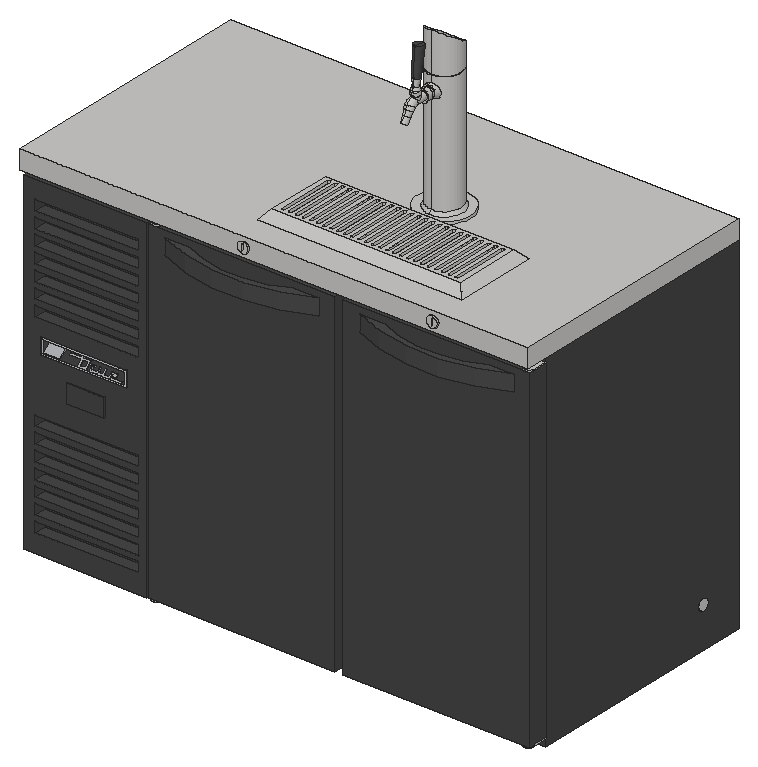
Revit family "QF_TRUE_TDR48-RISZ1-L-B-SS-1", category Specialty Equipment, Revit 2016
Family settings
  Part Type = Normal
  Round Connector Dimension = Use Diameter
  Work Plane-Based = No
  Always vertical = Yes
  Cut with Voids When Loaded = No
  Shared = No
  Room Calculation Point = No
Parameters (values of type "QF_TRUE_TDR48-RISZ1-L-B-SS-1")
  Weight in Pounds = 405
  Watts = if(Phase = 3, Volts * FL Amps * 1.73, Volts * FL Amps)  # 207 W
  Waste Water Discharge Temperature = 0 °F
  Volts = 115 V
  URL Cutsheet = ""
  Steam Supply Volume = 0 GPM
  Steam Supply Size = 0"
  Steam Supply RI Height = 0"
  Steam Supply Minimum Pressure = 0.00 psi
  Steam Supply Maximum Pressure = 0.00 psi
  Steam Supply Connection Height = 0"
  Specification by User = ""
  Specification by Manufacturer = ""
  Show Standard Unit [instance] = yes
  Show Logo [instance] = yes
  Show Leg Levelers [instance] = no
  Show Clearance [instance] = yes
  Show 1 Inch Rollers [instance] = no
  Show Seismic Flange [instance] = no
  Show 6 Inches Legs [instance] = no
  Show 5 Inches Castors [instance] = no
  Show 4 Inches Castors [instance] = no
  Show 3 Inches Castors [instance] = no
  Show 2 Inches Castors [instance] = no
  Serial Number = ""
  Seismic Rating = ""
  SMACNA No = ""
  Revision Code = ""
  Plumbing Remarks = ""
  Plumbing Connection Type = ""
  Phase = 1
  Number of Poles = 1
  NAFEM Spec ID Number = ""
  Model = "TDR48-RISZ1-L-B-SS-1"
  Min Ckt Ampacity = 0 A
  Mechanical Remarks = ""
  Mechanical Connection Type = ""
  Max Overcurrent Protection = 0 A
  Masterspec = ""
  Manufacturer = "TRUE"
  Length = 48"
  Item Number = ""
  Installed By = ""
  Indirect Waste Size = 1/2"
  Indirect Waste Flow = 0 GPM
  Indirect Waste Connection Type = ""
  Indirect Waste Connection Height = 0"
  Identify Quantity as Lot = yes
  Height [instance] = if(Show Standard Unit, 34 11/16", if(Show Leg Levelers, 34 15/16", if(Show 1 Inch Rollers, 35 9/16", if(Show 2 Inches Castors, 37 9/16", if(Show 3 Inches Castors, 38 9/16", if(Show 4 Inches Castors, 39 3/4", if(Show 5 Inches Castors, 40 3/4", if(Show 6 Inches Legs, 40 11/16", if(Show Seismic Flange, 40 11/16", 34 11/16")))))))))  # 34 11/16"
  HP = "1/4"
  Furnished By = ""
  Foodservice Equipment Identifier = yes
  FL Amps = 1.8 A
  Electrical Remarks = ""
  Electric Connection Type = ""
  Elec Conn RI Height = 0"
  Elec Conn Connection Height = 0"
  Description = "REACH-IN SINGLE ZONE REFRIGERATOR WITH LEFT SIDE REFRIGERATION SYSTEM. BLACK EXTERIOR AND SOLID SWING DOORS"  # constant formula
  Depth = 26 3/8"
  Cycle = 60 Hz
  Conn Plug = "NEMA 5-15P"
  Conn Conduit = yes
  Condensate Return Size = 1/2"
  Condensate Return RI Height = 0"
  Condensate Return Connection Height = 0"
  CSI MasterFormat = ""
  Apparent Power = if(Phase = 3, Volts * FL Amps * 1.73, Volts * FL Amps)  # 207 VA
Reference planes (in)
  plane 1 "BACK": y = 0
  plane 2: z = 0
  plane 3 "LEFT": x = 0
  plane 4 "RIGHT": x = 48
  plane 5 "FRONT": y = -26.375
  plane 6 "TOP": z = 34.6875
  plane 7 "Center Y": x = 24
  plane 8 "Center X": y = -13.1875
  plane 9: z = 32.9375
  plane 10: z = 0.78125
  plane 11: y = -41.59375
  plane 12: y = -24.84375
  plane 13: y = -24.65625
  plane 14: z = 0
  plane 15: x = 4.023
  plane 16: x = 43.977
Dimensions and locks (in)
  equal spacing: plane 3 "LEFT", plane 7 "Center Y", plane 4 "RIGHT"
  "Length": plane 3 "LEFT" to plane 4 "RIGHT"
  equal spacing: plane 5 "FRONT", plane 8 "Center X", plane 1 "BACK"
  "Depth": plane 5 "FRONT" to plane 1 "BACK"
  "Height": plane 6 "TOP" to level
  plane 3 "LEFT" to plane 4 "RIGHT" = 48"
  plane 6 "TOP" to plane 9 = 1 3/4"
  plane 10 to plane 2 = 25/32"
  plane 11 to plane 1 "BACK" = 41 19/32"
  plane 5 "FRONT" to plane 1 "BACK" = 26 3/8"
  plane 12 to plane 1 "BACK" = 24 27/32"
  plane 13 to plane 1 "BACK" = 24 21/32"
  plane 1 "BACK" to plane 12 = 24 27/32"
  locked: plane 6 "TOP" to plane 14 at 34.6875
  aligned and locked: level to plane 2
  aligned and locked: plane 3 "LEFT" to nested 2
  aligned and locked: plane 1 "BACK" to nested 2
  aligned and locked: plane 6 "TOP" to nested 2
Nested families (in)
  nested 1: "CASTORS & LEGS" at (4, -4, 0), Show 3 Inches Castors <- "Show 3 Inches Castors", Show 4 Inches Castors <- "Show 4 Inches Castors", Show Legs <- "Show 6 Inches Legs", Show Legs with Flandge <- "Show Seismic Flange", Show 2 Inches Castors <- "Show 2 Inches Castors", Show 5 Inches Castors <- "Show 5 Inches Castors", Show Leg Levelers <- "Show Leg Levelers", Show 1 Inch Rollers <- "Show 1 Inch Rollers", type "CASTORS & LEGS"
    with Type Mark "", Status "", Specification by User "", Show Legs with Flandge no, Show Legs no, Show Leg Levelers no, Show 5 Inches Castors no, Show 4 Inches Castors no, Show 3 Inches Castors no, Show 2 Inches Castors no, Show 1 Inch Rollers no, Revision Code "", Item Number "", Installed By "", Identify Quantity as Lot yes, Furnished By "", Foodservice Equipment Identifier yes
  nested 2: "TDR48-RISZ1-L-B-SS-1" at (0, 0, 0), Show Logo <- "Show Logo", Show Clearance <- "Show Clearance", type "TDR48-RISZ1-L-B-SS-1"
    with Show Logo yes, Show Clearance yes
  nested 3: "CASTORS & LEGS" at (4, -18.75, 0), Show 3 Inches Castors <- "Show 3 Inches Castors", Show 4 Inches Castors <- "Show 4 Inches Castors", Show Legs <- "Show 6 Inches Legs", Show Legs with Flandge <- "Show Seismic Flange", Show 2 Inches Castors <- "Show 2 Inches Castors", Show 5 Inches Castors <- "Show 5 Inches Castors", Show Leg Levelers <- "Show Leg Levelers", Show 1 Inch Rollers <- "Show 1 Inch Rollers", type "CASTORS & LEGS"
    with Type Mark "", Status "", Specification by User "", Show Legs with Flandge no, Show Legs no, Show Leg Levelers no, Show 5 Inches Castors no, Show 4 Inches Castors no, Show 3 Inches Castors no, Show 2 Inches Castors no, Show 1 Inch Rollers no, Revision Code "", Item Number "", Installed By "", Identify Quantity as Lot yes, Furnished By "", Foodservice Equipment Identifier yes
  nested 4: "CASTORS & LEGS" at (43.954, -4, 0), Show 3 Inches Castors <- "Show 3 Inches Castors", Show 4 Inches Castors <- "Show 4 Inches Castors", Show Legs <- "Show 6 Inches Legs", Show Legs with Flandge <- "Show Seismic Flange", Show 2 Inches Castors <- "Show 2 Inches Castors", Show 5 Inches Castors <- "Show 5 Inches Castors", Show Leg Levelers <- "Show Leg Levelers", Show 1 Inch Rollers <- "Show 1 Inch Rollers", type "CASTORS & LEGS"
    with Type Mark "", Status "", Specification by User "", Show Legs with Flandge no, Show Legs no, Show Leg Levelers no, Show 5 Inches Castors no, Show 4 Inches Castors no, Show 3 Inches Castors no, Show 2 Inches Castors no, Show 1 Inch Rollers no, Revision Code "", Item Number "", Installed By "", Identify Quantity as Lot yes, Furnished By "", Foodservice Equipment Identifier yes
  nested 5: "CASTORS & LEGS" at (43.954, -18.75, 0), Show 3 Inches Castors <- "Show 3 Inches Castors", Show 4 Inches Castors <- "Show 4 Inches Castors", Show Legs <- "Show 6 Inches Legs", Show Legs with Flandge <- "Show Seismic Flange", Show 2 Inches Castors <- "Show 2 Inches Castors", Show 5 Inches Castors <- "Show 5 Inches Castors", Show Leg Levelers <- "Show Leg Levelers", Show 1 Inch Rollers <- "Show 1 Inch Rollers", type "CASTORS & LEGS"
    with Type Mark "", Status "", Specification by User "", Show Legs with Flandge no, Show Legs no, Show Leg Levelers no, Show 5 Inches Castors no, Show 4 Inches Castors no, Show 3 Inches Castors no, Show 2 Inches Castors no, Show 1 Inch Rollers no, Revision Code "", Item Number "", Installed By "", Identify Quantity as Lot yes, Furnished By "", Foodservice Equipment Identifier yes
Connectors (in)
  electrical at (6, 0.25, 18), driven by "Volts", driven by "Watts"
    settings: on nested 2, index 5, voltage 115 V, apparent load 207 VA, apparent load phase1 0 VA, apparent load phase2 0 VA, apparent load phase3 0 VA, power factor 1, load classification "Other", number of poles 1, system type 30, power factor state 1, is connector primary yes, connector utility no, sub classification motor no, connector description ""
  piping at (39.75, -4.34375, 0), diameter 0.5, driven by "Indirect Waste Size"
    settings: on nested 2, index 6, connector inside diameter 24", connector length 0", flow factor 0, pipe flow 0 GPM, pressure drop 0.00 psi, fitting loss kfactor 0, connector angle 0.00°, fixture units 0, engagement length 0", angle of deflection 0.00°, flow configuration 1, flow direction 2, fitting loss method 0, system type 16, joint type 0, gender type 0, connector reference index -1, connector utility 0, adjustable connector no, is connector primary yes, connector description "DRAIN"
  piping at (16.75, -4.96875, 0), diameter 0.5, driven by "Indirect Waste Size"
    settings: on nested 2, index 7, connector inside diameter 24", connector length 0", flow factor 0, pipe flow 0 GPM, pressure drop 0.00 psi, fitting loss kfactor 0, connector angle 0.00°, fixture units 0, engagement length 0", angle of deflection 0.00°, flow configuration 1, flow direction 2, fitting loss method 0, system type 16, joint type 0, gender type 0, connector reference index -1, connector utility 0, adjustable connector no, is connector primary no, connector description "FLOOR ACCESS"
  piping at (48.125, -4.3125, 3.96875), diameter 0.5, driven by "Condensate Return Size"
    settings: on nested 2, index 8, connector inside diameter 24", connector length 0", flow factor 0, pipe flow 0 GPM, pressure drop 0.00 psi, fitting loss kfactor 0, connector angle 0.00°, fixture units 0, engagement length 0", angle of deflection 0.00°, flow configuration 1, flow direction 1, fitting loss method 0, system type 7, joint type 0, gender type 0, connector reference index -1, connector utility 0, adjustable connector no, is connector primary no, connector description "CONDENSING UNIT"
Definition of nested family "TDR48-RISZ1-L-B-SS-1"
  Parameters (values of type "TDR48-RISZ1-L-B-SS-1")
    Weight in Pounds = 405
    Watts = if(Phase = 3, Volts * FL Amps * 1.73, Volts * FL Amps)  # 207 W
    Waste Water Discharge Temperature = 0 °F
    Volts = 115 V
    URL Cutsheet = ""
    Steam Supply Volume = 0 GPM
    Steam Supply Size = 0"
    Steam Supply RI Height = 0"
    Steam Supply Minimum Pressure = 0.00 psi
    Steam Supply Maximum Pressure = 0.00 psi
    Steam Supply Connection Height = 0"
    Specification by User = ""
    Specification by Manufacturer = ""
    Show Logo [instance] = yes
    Show Clearance [instance] = yes
    Serial Number = ""
    Seismic Rating = ""
    SMACNA No = ""
    Revision Code = ""
    Plumbing Remarks = ""
    Plumbing Connection Type = ""
    Phase = 1
    Number of Poles = 1
    NAFEM Spec ID Number = ""
    Model = "TBR48-RISZ1-L-B-GG-1"
    Min Ckt Ampacity = 0 A
    Mechanical Remarks = ""
    Mechanical Connection Type = ""
    Max Overcurrent Protection = 0 A
    Masterspec = ""
    Manufacturer = "TRUE"
    Length = 48"
    Item Number = ""
    Installed By = ""
    Indirect Waste Size = 1/2"
    Indirect Waste Flow = 0 GPM
    Indirect Waste Connection Type = ""
    Indirect Waste Connection Height = 0"
    Identify Quantity as Lot = yes
    Height = 34 11/16"
    HP = "1/4"
    Furnished By = ""
    Foodservice Equipment Identifier = yes
    FL Amps = 1.8 A
    Electrical Remarks = ""
    Electric Connection Type = ""
    Elec Conn RI Height = 0"
    Elec Conn Connection Height = 0"
    Description = "REACH-IN SINGLE ZONE REFRIGERATOR WITH LEFT SIDE REFRIGERATION SYSTEM. BLACK EXTERIOR AND GLASS SWING DOORS"
    Depth = 26 3/8"
    Cycle = 60 Hz
    Conn Plug = "NEMA 5-15P"
    Conn Conduit = yes
    Condensate Return Size = 1/2"
    Condensate Return RI Height = 0"
    Condensate Return Connection Height = 0"
    CSI MasterFormat = ""
    Apparent Power = if(Phase = 3, Volts * FL Amps * 1.73, Volts * FL Amps)  # 207 VA
  Reference planes (in)
    plane 1 "BACK": y = 0
    plane 2: z = 0
    plane 3 "LEFT": x = 0
    plane 4 "RIGHT": x = 48
    plane 5 "FRONT": y = -26.375
    plane 6 "TOP": z = 34.6875
    plane 7 "Center Y": x = 24
    plane 8 "Center X": y = -13.1875
    plane 9: z = 32.9375
    plane 10: z = 0.78125
    plane 11: z = 32.46875
    plane 12: y = -41.59375
    plane 13: y = -24.84375
    plane 14: y = -24.65625
    plane 15: z = 50.4375
  Forms (in)
    Extrusion 1, solid
      sketch origin (0, 0, 0) x (0, 1, 0) y (0, 0, 1)
        loop
          line (-24.84375, 34.6875) -> (-24.84375, 32.9375) -> (0, 32.9375) -> (0, 34.6875) -> (-24.84375, 34.6875)
      from 0 to 48
    Extrusion 2, solid
      sketch origin (0, 0, 0) x (1, 0, 0) y (0, 0, 1)
        loop
          line (0, 32.9375) -> (0, 0) -> (48, 0) -> (48, 32.9375) -> (0, 32.9375)
        loop
          line (12, 32.46875) -> (12, 0.78125) -> (47.875, 0.78125) -> (47.875, 32.46875) -> (12, 32.46875)
      from 0 to 22.75
    Extrusion 3, solid
      sketch origin (0, 0, 0) x (-1, 0, 0) y (0, 0, 1)
        loop
          line (-12, 32.46875) -> (-47.875, 32.46875) -> (-47.875, 0.78125) -> (-12, 0.78125) -> (-12, 32.46875)
      from 0 to -2
    Extrusion 4, solid
      sketch origin (0, -22.75, 0) x (1, 0, 0) y (0, 0, 1)
        loop
          line (0.20313, 0.78125) -> (11.79688, 0.78125) -> (11.79688, 32.46875) -> (0.20313, 32.46875) -> (0.20313, 0.78125)
        loop
          line (1.28286, 30.81709) -> (1.28286, 29.81709) -> (11.03286, 29.81709) -> (11.03286, 30.81709) -> (1.28286, 30.81709)
        loop
          line (1.28286, 29.31709) -> (1.28286, 28.31709) -> (11.03286, 28.31709) -> (11.03286, 29.31709) -> (1.28286, 29.31709)
        loop
          line (1.28286, 27.81709) -> (1.28286, 26.81709) -> (11.03286, 26.81709) -> (11.03286, 27.81709) -> (1.28286, 27.81709)
        loop
          line (1.28286, 26.31709) -> (1.28286, 25.31709) -> (11.03286, 25.31709) -> (11.03286, 26.31709) -> (1.28286, 26.31709)
        loop
          line (1.28286, 24.81709) -> (1.28286, 23.81709) -> (11.03286, 23.81709) -> (11.03286, 24.81709) -> (1.28286, 24.81709)
        loop
          line (1.28286, 21.81709) -> (1.28286, 20.81709) -> (11.03286, 20.81709) -> (11.03286, 21.81709) -> (1.28286, 21.81709)
        loop
          line (1.28286, 23.31709) -> (1.28286, 22.31709) -> (11.03286, 22.31709) -> (11.03286, 23.31709) -> (1.28286, 23.31709)
        loop
          line (1.28286, 12.56709) -> (1.28286, 11.56709) -> (11.03286, 11.56709) -> (11.03286, 12.56709) -> (1.28286, 12.56709)
        loop
          line (1.28286, 11.06709) -> (1.28286, 10.06709) -> (11.03286, 10.06709) -> (11.03286, 11.06709) -> (1.28286, 11.06709)
        loop
          line (1.28286, 9.56709) -> (1.28286, 8.56709) -> (11.03286, 8.56709) -> (11.03286, 9.56709) -> (1.28286, 9.56709)
        loop
          line (1.28286, 8.06709) -> (1.28286, 7.06709) -> (11.03286, 7.06709) -> (11.03286, 8.06709) -> (1.28286, 8.06709)
        loop
          line (1.28286, 6.56709) -> (1.28286, 5.56709) -> (11.03286, 5.56709) -> (11.03286, 6.56709) -> (1.28286, 6.56709)
        loop
          line (1.28286, 3.56709) -> (1.28286, 2.56709) -> (11.03286, 2.56709) -> (11.03286, 3.56709) -> (1.28286, 3.56709)
        loop
          line (1.28286, 5.06709) -> (1.28286, 4.06709) -> (11.03286, 4.06709) -> (11.03286, 5.06709) -> (1.28286, 5.06709)
      from 0.125 to 1.90625
    Extrusion 5, solid
      sketch origin (0, -22.75, 0) x (1, 0, 0) y (0, 0, 1)
        loop
          line (12, 0.78125) -> (29.625, 0.78125) -> (29.625, 32.46875) -> (12, 32.46875) -> (12, 0.78125)
        loop
          line (48, 0.78125) -> (48, 32.46875) -> (30.375, 32.46875) -> (30.375, 0.78125) -> (48, 0.78125)
      from 0 to 1.90625
    Extrusion 6, solid
      sketch origin (29, -22.75, 32.46875) x (-1, 0, 0) y (0, -1, 0)
        loop
          arc (15.44956, 1.90625) -> (8.1875, 3.65113) -> (0.92544, 1.90625) r 15.9845
          line (0.92544, 1.90625) -> (3.19585, 1.90625)
          arc (3.19585, 1.90625) -> (8.1875, 3.15287) -> (13.17915, 1.90625) r 10.61701
          line (13.17915, 1.90625) -> (15.44956, 1.90625)
        loop
          arc (-2.92544, 1.90625) -> (-10.1875, 3.65113) -> (-17.44956, 1.90625) r 15.9845
          line (-17.44956, 1.90625) -> (-15.17915, 1.90625)
          arc (-15.17915, 1.90625) -> (-10.1875, 3.15287) -> (-5.19585, 1.90625) r 10.61701
          line (-5.19585, 1.90625) -> (-2.92544, 1.90625)
      from -2.11784 to -0.60631
    Extrusion 7, solid
      sketch origin (0, -24.65625, 0) x (1, 0, 0) y (0, 0, 1)
        loop
          line (4.36462, 16.37472) -> (4.36462, 14.62472) -> (7.86462, 14.62472) -> (7.86462, 16.37472) -> (4.36462, 16.37472)
      from 0 to 0.125
    Extrusion 8, solid
      sketch origin (0, -24.84375, 34.4375) x (0, 0, 1) y (-1, 0, 0)
        loop
          circle (-0.65572, -21.12293) r 0.5
        loop
          line (-0.32569, -21.0603) -> (-0.96744, -21.0603) -> (-0.96744, -21.2) -> (-0.32569, -21.2) -> (-0.32569, -21.0603)
        loop
          circle (-0.65572, -39.02918) r 0.5
        loop
          line (-0.32569, -38.96655) -> (-0.96744, -38.96655) -> (-0.96744, -39.10625) -> (-0.32569, -39.10625) -> (-0.32569, -38.96655)
      from 0 to 0.125
    Extrusion 9, solid
      sketch origin (0, -22.75, 0) x (1, 0, 0) y (0, 0, 1)
        loop
          line (1.28286, 30.81709) -> (1.28286, 29.81709) -> (11.03286, 29.81709) -> (11.03286, 30.81709) -> (1.28286, 30.81709)
        loop
          line (1.28286, 29.31709) -> (1.28286, 28.31709) -> (11.03286, 28.31709) -> (11.03286, 29.31709) -> (1.28286, 29.31709)
        loop
          line (1.28286, 27.81709) -> (1.28286, 26.81709) -> (11.03286, 26.81709) -> (11.03286, 27.81709) -> (1.28286, 27.81709)
        loop
          line (1.28286, 26.31709) -> (1.28286, 25.31709) -> (11.03286, 25.31709) -> (11.03286, 26.31709) -> (1.28286, 26.31709)
        loop
          line (1.28286, 24.81709) -> (1.28286, 23.81709) -> (11.03286, 23.81709) -> (11.03286, 24.81709) -> (1.28286, 24.81709)
        loop
          line (1.28286, 21.81709) -> (1.28286, 20.81709) -> (11.03286, 20.81709) -> (11.03286, 21.81709) -> (1.28286, 21.81709)
        loop
          line (1.28286, 23.31709) -> (1.28286, 22.31709) -> (11.03286, 22.31709) -> (11.03286, 23.31709) -> (1.28286, 23.31709)
        loop
          line (1.28286, 12.56709) -> (1.28286, 11.56709) -> (11.03286, 11.56709) -> (11.03286, 12.56709) -> (1.28286, 12.56709)
        loop
          line (1.28286, 11.06709) -> (1.28286, 10.06709) -> (11.03286, 10.06709) -> (11.03286, 11.06709) -> (1.28286, 11.06709)
        loop
          line (1.28286, 9.56709) -> (1.28286, 8.56709) -> (11.03286, 8.56709) -> (11.03286, 9.56709) -> (1.28286, 9.56709)
        loop
          line (1.28286, 8.06709) -> (1.28286, 7.06709) -> (11.03286, 7.06709) -> (11.03286, 8.06709) -> (1.28286, 8.06709)
        loop
          line (1.28286, 6.56709) -> (1.28286, 5.56709) -> (11.03286, 5.56709) -> (11.03286, 6.56709) -> (1.28286, 6.56709)
        loop
          line (1.28286, 3.56709) -> (1.28286, 2.56709) -> (11.03286, 2.56709) -> (11.03286, 3.56709) -> (1.28286, 3.56709)
        loop
          line (1.28286, 5.06709) -> (1.28286, 4.06709) -> (11.03286, 4.06709) -> (11.03286, 5.06709) -> (1.28286, 5.06709)
      from 0.125 to 0.7394
    Extrusion 10, solid
      sketch origin (48, 0, 0) x (0, 1, 0) y (1, 0, 0)
        loop
          circle (-4.96875, -31.25) r 0.625
        loop
          circle (-4.34375, -8.25) r 0.5
      from 0 to -0.48808
    Extrusion 11, solid
      sketch origin (48, 0, 32.9375) x (0, 0, -1) y (0, 1, 0)
        loop
          circle (28.96875, -4.3125) r 0.5
      from 0 to 0.125
    Extrusion 12, solid
      sketch origin (31, -22.75, 32.46875) x (1, 0, 0) y (0, 1, 0)
        loop
          line (17, -1.45442) -> (17, 0) -> (15.64487, 0) -> (16.12932, -1.58454)
          arc (16.12932, -1.58454) -> (16.62072, -1.8946) -> (17, -1.45442) r 0.44506
        loop
          arc (-19, -1.45442) -> (-18.62072, -1.8946) -> (-18.12932, -1.58454) r 0.44506
          line (-18.12932, -1.58454) -> (-17.64487, 0) -> (-19, 0) -> (-19, -1.45442)
      from 0 to 0.125
    Extrusion 13, solid
      sketch origin (48, -22.75, 0.78125) x (0, 1, 0) y (1, 0, 0)
        loop
          arc (-1.45442, 0) -> (-1.8946, -0.37928) -> (-1.58454, -0.87068) r 0.44506
          line (-1.58454, -0.87068) -> (0, -1.35513) -> (0, 0) -> (-1.45442, 0)
        loop
          line (-1.45442, -36) -> (0, -36) -> (0, -34.64487) -> (-1.58454, -35.12932)
          arc (-1.58454, -35.12932) -> (-1.8946, -35.62072) -> (-1.45442, -36) r 0.44506
      from 0 to 0.125
    Extrusion 14, solid, visible <- "Show Clearance", detail levels coarse
      sketch origin (48, -22.75, 0.78125) x (0, 1, 0) y (1, 0, 0)
        loop
          line (-1.90625, 0) -> (-18.84375, 0)
          arc (-18.84375, 0) -> (-14.15476, -12.44482) -> (-1.90625, -17.625) r 16.86899
          line (-1.90625, -17.625) -> (-1.90625, 0)
        loop
          line (-1.90625, -36) -> (-1.90625, -18.375)
          arc (-1.90625, -18.375) -> (-14.15476, -23.55518) -> (-18.84375, -36) r 16.86899
          line (-18.84375, -36) -> (-1.90625, -36)
      from 0 to -31.6875
    Extrusion 15, solid
      sketch origin (0, 0, 0) x (-1, 0, 0) y (0, 0, 1)
        loop
          line (0, 0) -> (0, 19.4375) -> (-10.96875, 19.4375) -> (-10.96875, 0) -> (0, 0)
      from 0 to 0.125
    Extrusion 16, solid
      sketch origin (0, 0, 0) x (-1, 0, 0) y (0, 0, 1)
        loop
          circle (-6, 18) r 0.5
        loop
          circle (-6, 21.75) r 0.5
      from 0 to 0.25
    Revolve 17, solid
      sketch origin (30, 7.92254, 48) x (0, 1, 0) y (0, 0, 1)
        loop
          line (-21.6916, 2.4375) -> (-21.6916, -1.28109) -> (-21.57551, -1.28109) -> (-21.57551, -1.4063) -> (-21.6916, -1.4063) -> (-21.6916, -12.76014) -> (-21.8852, -13.09546) -> (-22.6352, -13.09546) -> (-22.6352, -13.3125) -> (-20.14129, -13.3125) -> (-20.14129, 2.4375) -> (-21.6916, 2.4375)
        axis (-20.14129, -13.3125) -> (-20.14129, 2.4375)
      angle from 0 to 360
    Blend 18, solid
      base sketch origin (56.97483, -0.10353, 34.6875) x (-1, 0, 0) y (0, -1, 0)
        loop
          line (36.625, 14.26103) -> (36.625, 22.11177) -> (17.32467, 22.11177) -> (17.32467, 14.26103) -> (36.625, 14.26103)
      top sketch origin (56.97483, -0.10353, 34.6875) x (-1, 0, 0) y (0, -1, 0)
        loop
          line (35.875, 15.01103) -> (35.875, 21.36177) -> (18.07467, 21.36177) -> (18.07467, 15.01103) -> (35.875, 15.01103)
      from 0 to 0.80078
    Extrusion 19, void
      sketch origin (56.7014, -0.10353, 35.48828) x (-1, 0, 0) y (0, -1, 0)
        loop
          arc (35.09417, 20.80347) -> (34.9223, 20.97534) -> (34.75042, 20.80347) r 0.17187
          line (34.75042, 20.80347) -> (34.75042, 15.53813)
          arc (34.75042, 15.53813) -> (34.9223, 15.36625) -> (35.09417, 15.53813) r 0.17187
          line (35.09417, 15.53813) -> (35.09417, 20.80347)
        loop
          arc (34.43792, 20.80347) -> (34.26605, 20.97534) -> (34.09417, 20.80347) r 0.17187
          line (34.09417, 20.80347) -> (34.09417, 15.53813)
          arc (34.09417, 15.53813) -> (34.26605, 15.36625) -> (34.43792, 15.53813) r 0.17187
          line (34.43792, 15.53813) -> (34.43792, 20.80347)
        loop
          arc (33.78167, 20.80347) -> (33.6098, 20.97534) -> (33.43792, 20.80347) r 0.17187
          line (33.43792, 20.80347) -> (33.43792, 15.53813)
          arc (33.43792, 15.53813) -> (33.6098, 15.36625) -> (33.78167, 15.53813) r 0.17187
          line (33.78167, 15.53813) -> (33.78167, 20.80347)
        loop
          arc (33.12542, 20.80347) -> (32.95355, 20.97534) -> (32.78167, 20.80347) r 0.17187
          line (32.78167, 20.80347) -> (32.78167, 15.53813)
          arc (32.78167, 15.53813) -> (32.95355, 15.36625) -> (33.12542, 15.53813) r 0.17187
          line (33.12542, 15.53813) -> (33.12542, 20.80347)
        loop
          arc (32.46917, 20.80347) -> (32.2973, 20.97534) -> (32.12542, 20.80347) r 0.17187
          line (32.12542, 20.80347) -> (32.12542, 15.53813)
          arc (32.12542, 15.53813) -> (32.2973, 15.36625) -> (32.46917, 15.53813) r 0.17187
          line (32.46917, 15.53813) -> (32.46917, 20.80347)
        loop
          arc (31.81292, 20.80347) -> (31.64105, 20.97534) -> (31.46917, 20.80347) r 0.17187
          line (31.46917, 20.80347) -> (31.46917, 15.53813)
          arc (31.46917, 15.53813) -> (31.64105, 15.36625) -> (31.81292, 15.53813) r 0.17187
          line (31.81292, 15.53813) -> (31.81292, 20.80347)
        loop
          arc (31.15667, 20.80347) -> (30.9848, 20.97534) -> (30.81292, 20.80347) r 0.17187
          line (30.81292, 20.80347) -> (30.81292, 15.53813)
          arc (30.81292, 15.53813) -> (30.9848, 15.36625) -> (31.15667, 15.53813) r 0.17187
          line (31.15667, 15.53813) -> (31.15667, 20.80347)
        loop
          arc (30.50042, 20.80347) -> (30.32855, 20.97534) -> (30.15667, 20.80347) r 0.17187
          line (30.15667, 20.80347) -> (30.15667, 15.53813)
          arc (30.15667, 15.53813) -> (30.32855, 15.36625) -> (30.50042, 15.53813) r 0.17187
          line (30.50042, 15.53813) -> (30.50042, 20.80347)
        loop
          arc (29.84417, 20.80347) -> (29.6723, 20.97534) -> (29.50042, 20.80347) r 0.17187
          line (29.50042, 20.80347) -> (29.50042, 15.53813)
          arc (29.50042, 15.53813) -> (29.6723, 15.36625) -> (29.84417, 15.53813) r 0.17187
          line (29.84417, 15.53813) -> (29.84417, 20.80347)
        loop
          arc (29.18792, 20.80347) -> (29.01605, 20.97534) -> (28.84417, 20.80347) r 0.17187
          line (28.84417, 20.80347) -> (28.84417, 15.53813)
          arc (28.84417, 15.53813) -> (29.01605, 15.36625) -> (29.18792, 15.53813) r 0.17187
          line (29.18792, 15.53813) -> (29.18792, 20.80347)
        loop
          arc (28.53167, 20.80347) -> (28.3598, 20.97534) -> (28.18792, 20.80347) r 0.17187
          line (28.18792, 20.80347) -> (28.18792, 15.53813)
          arc (28.18792, 15.53813) -> (28.3598, 15.36625) -> (28.53167, 15.53813) r 0.17187
          line (28.53167, 15.53813) -> (28.53167, 20.80347)
        loop
          arc (27.87542, 20.80347) -> (27.70355, 20.97534) -> (27.53167, 20.80347) r 0.17187
          line (27.53167, 20.80347) -> (27.53167, 15.53813)
          arc (27.53167, 15.53813) -> (27.70355, 15.36625) -> (27.87542, 15.53813) r 0.17187
          line (27.87542, 15.53813) -> (27.87542, 20.80347)
        loop
          arc (27.21917, 20.80347) -> (27.0473, 20.97534) -> (26.87542, 20.80347) r 0.17187
          line (26.87542, 20.80347) -> (26.87542, 15.53813)
          arc (26.87542, 15.53813) -> (27.0473, 15.36625) -> (27.21917, 15.53813) r 0.17187
          line (27.21917, 15.53813) -> (27.21917, 20.80347)
        loop
          arc (26.56292, 20.80347) -> (26.39105, 20.97534) -> (26.21917, 20.80347) r 0.17187
          line (26.21917, 20.80347) -> (26.21917, 15.53813)
          arc (26.21917, 15.53813) -> (26.39105, 15.36625) -> (26.56292, 15.53813) r 0.17187
          line (26.56292, 15.53813) -> (26.56292, 20.80347)
        loop
          arc (25.90667, 20.80347) -> (25.7348, 20.97534) -> (25.56292, 20.80347) r 0.17187
          line (25.56292, 20.80347) -> (25.56292, 15.53813)
          arc (25.56292, 15.53813) -> (25.7348, 15.36625) -> (25.90667, 15.53813) r 0.17187
          line (25.90667, 15.53813) -> (25.90667, 20.80347)
        loop
          arc (25.25042, 20.80347) -> (25.07855, 20.97534) -> (24.90667, 20.80347) r 0.17187
          line (24.90667, 20.80347) -> (24.90667, 15.53813)
          arc (24.90667, 15.53813) -> (25.07855, 15.36625) -> (25.25042, 15.53813) r 0.17187
          line (25.25042, 15.53813) -> (25.25042, 20.80347)
        loop
          arc (24.59417, 20.80347) -> (24.4223, 20.97534) -> (24.25042, 20.80347) r 0.17187
          line (24.25042, 20.80347) -> (24.25042, 15.53813)
          arc (24.25042, 15.53813) -> (24.4223, 15.36625) -> (24.59417, 15.53813) r 0.17187
          line (24.59417, 15.53813) -> (24.59417, 20.80347)
        loop
          arc (23.93792, 20.80347) -> (23.76605, 20.97534) -> (23.59417, 20.80347) r 0.17187
          line (23.59417, 20.80347) -> (23.59417, 15.53813)
          arc (23.59417, 15.53813) -> (23.76605, 15.36625) -> (23.93792, 15.53813) r 0.17187
          line (23.93792, 15.53813) -> (23.93792, 20.80347)
        loop
          arc (23.28167, 20.80347) -> (23.1098, 20.97534) -> (22.93792, 20.80347) r 0.17187
          line (22.93792, 20.80347) -> (22.93792, 15.53813)
          arc (22.93792, 15.53813) -> (23.1098, 15.36625) -> (23.28167, 15.53813) r 0.17187
          line (23.28167, 15.53813) -> (23.28167, 20.80347)
        loop
          arc (22.62542, 20.80347) -> (22.45355, 20.97534) -> (22.28167, 20.80347) r 0.17187
          line (22.28167, 20.80347) -> (22.28167, 15.53813)
          arc (22.28167, 15.53813) -> (22.45355, 15.36625) -> (22.62542, 15.53813) r 0.17187
          line (22.62542, 15.53813) -> (22.62542, 20.80347)
        loop
          arc (21.96917, 20.80347) -> (21.7973, 20.97534) -> (21.62542, 20.80347) r 0.17187
          line (21.62542, 20.80347) -> (21.62542, 15.53813)
          arc (21.62542, 15.53813) -> (21.7973, 15.36625) -> (21.96917, 15.53813) r 0.17187
          line (21.96917, 15.53813) -> (21.96917, 20.80347)
        loop
          arc (21.31292, 20.80347) -> (21.14105, 20.97534) -> (20.96917, 20.80347) r 0.17187
          line (20.96917, 20.80347) -> (20.96917, 15.53813)
          arc (20.96917, 15.53813) -> (21.14105, 15.36625) -> (21.31292, 15.53813) r 0.17187
          line (21.31292, 15.53813) -> (21.31292, 20.80347)
        loop
          arc (20.65667, 20.80347) -> (20.4848, 20.97534) -> (20.31292, 20.80347) r 0.17187
          line (20.31292, 20.80347) -> (20.31292, 15.53813)
          arc (20.31292, 15.53813) -> (20.4848, 15.36625) -> (20.65667, 15.53813) r 0.17187
          line (20.65667, 15.53813) -> (20.65667, 20.80347)
        loop
          arc (20.00042, 20.80347) -> (19.82855, 20.97534) -> (19.65667, 20.80347) r 0.17187
          line (19.65667, 20.80347) -> (19.65667, 15.53813)
          arc (19.65667, 15.53813) -> (19.82855, 15.36625) -> (20.00042, 15.53813) r 0.17187
          line (20.00042, 15.53813) -> (20.00042, 20.80347)
        loop
          arc (19.34417, 20.80347) -> (19.1723, 20.97534) -> (19.00042, 20.80347) r 0.17187
          line (19.00042, 20.80347) -> (19.00042, 15.53813)
          arc (19.00042, 15.53813) -> (19.1723, 15.36625) -> (19.34417, 15.53813) r 0.17187
          line (19.34417, 15.53813) -> (19.34417, 20.80347)
        loop
          arc (18.68792, 20.80347) -> (18.51605, 20.97534) -> (18.34417, 20.80347) r 0.17187
          line (18.34417, 20.80347) -> (18.34417, 15.53813)
          arc (18.34417, 15.53813) -> (18.51605, 15.36625) -> (18.68792, 15.53813) r 0.17187
          line (18.68792, 15.53813) -> (18.68792, 20.80347)
      from 0 to -0.25
    Extrusion 20, void
      sketch origin (30, 6.06967, 48.80706) x (0, 1, 0) y (0, 0, 1)
        loop
          line (-19.83873, 1.63044) -> (-15.76122, -1.01753) -> (-15.76122, 1.63044) -> (-19.83873, 1.63044)
      from -3.11934 to 3.44316
    Revolve 21, solid
      sketch origin (30, -10.20656, 37.5625) x (0, 1, 0) y (0, 0, 1)
        loop
          line (-3.1245, 8.54961) -> (-3.83809, 8.33854) -> (-3.83809, 8.19638) -> (-4.14076, 8.19638) -> (-4.14076, 8.29864) -> (-4.59459, 8.33854) -> (-4.59459, 7.75) -> (-3.1245, 7.75) -> (-3.1245, 8.54961)
        axis (-4.59459, 7.75) -> (-3.1245, 7.75)
      angle from 0 to 360
    Sweep 22, solid
      path origin (30, -10.20656, 37.5625) x (0, 1, 0) y (0, 0, 1)
        loop
          line (-6.20823, 7.27655) -> (-6.05649, 7.53935)
          arc (-6.05649, 7.53935) -> (-5.90229, 7.69356) -> (-5.69164, 7.75) r 0.42129
          line (-5.69164, 7.75) -> (-4.59459, 7.75)
      profile origin (30, -16.33892, 44.97045) x (0, -0.866025, 0.5) y (1, 0, 0)
        loop
          circle (0, 0) r 0.38996
    Revolve 23, solid
      sketch origin (30, -10.11487, 37.5625) x (0, 1, 0) y (0, 0, 1)
        loop
          line (-6.00212, 7.10461) -> (-6.29992, 7.27655) -> (-6.84717, 6.32867) -> (-6.60265, 6.1875) -> (-6.3059, 6.70149) -> (-6.00212, 7.10461)
        axis (-6.29992, 7.27655) -> (-6.84717, 6.32867)
      angle from 0 to 360
    Revolve 24, solid
      sketch origin (30, -10.20656, 37.5625) x (0, 1, 0) y (0, 0, 1)
        loop
          line (-5.7963, 7.83401) -> (-5.4378, 7.83401) -> (-5.4378, 8.58754) -> (-5.75588, 8.58754) -> (-5.83409, 8.50933) -> (-5.83409, 8.25933) -> (-5.7963, 8.19387) -> (-5.7963, 7.83401)
        axis (-5.4378, 7.83401) -> (-5.4378, 8.58754)
      angle from 0 to 360
    Revolve 25, solid
      sketch origin (30, -10.20656, 37.5625) x (0, 1, 0) y (0, 0, 1)
        loop
          line (-5.04861, 12.29037) -> (-5.44993, 8.47216) -> (-5.31388, 8.45786) -> (-5.29696, 8.61884) -> (-5.05675, 8.61884) -> (-5.09034, 8.89242) -> (-5.15716, 8.90785) -> (-4.99293, 9.61924) -> (-4.5992, 12.24314) -> (-5.04861, 12.29037)
        axis (-5.44993, 8.47216) -> (-5.04861, 12.29037)
      angle from 0 to 360
    Revolve 26, solid, not visible
      sketch origin (20.96875, 8.02607, 48) x (0, 1, 0) y (0, 0, 1)
        loop
          line (-21.6916, 2.4375) -> (-21.6916, -1.28109) -> (-21.57551, -1.28109) -> (-21.57551, -1.4063) -> (-21.6916, -1.4063) -> (-21.6916, -12.76014) -> (-21.8852, -13.09546) -> (-22.6352, -13.09546) -> (-22.6352, -13.3125) -> (-20.14129, -13.3125) -> (-20.14129, 2.4375) -> (-21.6916, 2.4375)
        axis (-20.14129, -13.3125) -> (-20.14129, 2.4375)
      angle from 0 to 360
    Blend 27, solid, not visible
      base sketch origin (47.94358, 0, 34.6875) x (-1, 0, 0) y (0, -1, 0)
        loop
          line (36.625, 14.26103) -> (36.625, 22.11177) -> (17.32467, 22.11177) -> (17.32467, 14.26103) -> (36.625, 14.26103)
      top sketch origin (47.94358, 0, 34.6875) x (-1, 0, 0) y (0, -1, 0)
        loop
          line (35.875, 15.01103) -> (35.875, 21.36177) -> (18.07467, 21.36177) -> (18.07467, 15.01103) -> (35.875, 15.01103)
      from 0 to 0.80078
    Extrusion 28, void, not visible
      sketch origin (47.67015, 0, 35.48828) x (-1, 0, 0) y (0, -1, 0)
        loop
          arc (35.09417, 20.80347) -> (34.9223, 20.97534) -> (34.75042, 20.80347) r 0.17187
          line (34.75042, 20.80347) -> (34.75042, 15.53813)
          arc (34.75042, 15.53813) -> (34.9223, 15.36625) -> (35.09417, 15.53813) r 0.17187
          line (35.09417, 15.53813) -> (35.09417, 20.80347)
        loop
          arc (34.43792, 20.80347) -> (34.26605, 20.97534) -> (34.09417, 20.80347) r 0.17187
          line (34.09417, 20.80347) -> (34.09417, 15.53813)
          arc (34.09417, 15.53813) -> (34.26605, 15.36625) -> (34.43792, 15.53813) r 0.17187
          line (34.43792, 15.53813) -> (34.43792, 20.80347)
        loop
          arc (33.78167, 20.80347) -> (33.6098, 20.97534) -> (33.43792, 20.80347) r 0.17187
          line (33.43792, 20.80347) -> (33.43792, 15.53813)
          arc (33.43792, 15.53813) -> (33.6098, 15.36625) -> (33.78167, 15.53813) r 0.17187
          line (33.78167, 15.53813) -> (33.78167, 20.80347)
        loop
          arc (33.12542, 20.80347) -> (32.95355, 20.97534) -> (32.78167, 20.80347) r 0.17187
          line (32.78167, 20.80347) -> (32.78167, 15.53813)
          arc (32.78167, 15.53813) -> (32.95355, 15.36625) -> (33.12542, 15.53813) r 0.17187
          line (33.12542, 15.53813) -> (33.12542, 20.80347)
        loop
          arc (32.46917, 20.80347) -> (32.2973, 20.97534) -> (32.12542, 20.80347) r 0.17187
          line (32.12542, 20.80347) -> (32.12542, 15.53813)
          arc (32.12542, 15.53813) -> (32.2973, 15.36625) -> (32.46917, 15.53813) r 0.17187
          line (32.46917, 15.53813) -> (32.46917, 20.80347)
        loop
          arc (31.81292, 20.80347) -> (31.64105, 20.97534) -> (31.46917, 20.80347) r 0.17187
          line (31.46917, 20.80347) -> (31.46917, 15.53813)
          arc (31.46917, 15.53813) -> (31.64105, 15.36625) -> (31.81292, 15.53813) r 0.17187
          line (31.81292, 15.53813) -> (31.81292, 20.80347)
        loop
          arc (31.15667, 20.80347) -> (30.9848, 20.97534) -> (30.81292, 20.80347) r 0.17187
          line (30.81292, 20.80347) -> (30.81292, 15.53813)
          arc (30.81292, 15.53813) -> (30.9848, 15.36625) -> (31.15667, 15.53813) r 0.17187
          line (31.15667, 15.53813) -> (31.15667, 20.80347)
        loop
          arc (30.50042, 20.80347) -> (30.32855, 20.97534) -> (30.15667, 20.80347) r 0.17187
          line (30.15667, 20.80347) -> (30.15667, 15.53813)
          arc (30.15667, 15.53813) -> (30.32855, 15.36625) -> (30.50042, 15.53813) r 0.17187
          line (30.50042, 15.53813) -> (30.50042, 20.80347)
        loop
          arc (29.84417, 20.80347) -> (29.6723, 20.97534) -> (29.50042, 20.80347) r 0.17187
          line (29.50042, 20.80347) -> (29.50042, 15.53813)
          arc (29.50042, 15.53813) -> (29.6723, 15.36625) -> (29.84417, 15.53813) r 0.17187
          line (29.84417, 15.53813) -> (29.84417, 20.80347)
        loop
          arc (29.18792, 20.80347) -> (29.01605, 20.97534) -> (28.84417, 20.80347) r 0.17187
          line (28.84417, 20.80347) -> (28.84417, 15.53813)
          arc (28.84417, 15.53813) -> (29.01605, 15.36625) -> (29.18792, 15.53813) r 0.17187
          line (29.18792, 15.53813) -> (29.18792, 20.80347)
        loop
          arc (28.53167, 20.80347) -> (28.3598, 20.97534) -> (28.18792, 20.80347) r 0.17187
          line (28.18792, 20.80347) -> (28.18792, 15.53813)
          arc (28.18792, 15.53813) -> (28.3598, 15.36625) -> (28.53167, 15.53813) r 0.17187
          line (28.53167, 15.53813) -> (28.53167, 20.80347)
        loop
          arc (27.87542, 20.80347) -> (27.70355, 20.97534) -> (27.53167, 20.80347) r 0.17187
          line (27.53167, 20.80347) -> (27.53167, 15.53813)
          arc (27.53167, 15.53813) -> (27.70355, 15.36625) -> (27.87542, 15.53813) r 0.17187
          line (27.87542, 15.53813) -> (27.87542, 20.80347)
        loop
          arc (27.21917, 20.80347) -> (27.0473, 20.97534) -> (26.87542, 20.80347) r 0.17187
          line (26.87542, 20.80347) -> (26.87542, 15.53813)
          arc (26.87542, 15.53813) -> (27.0473, 15.36625) -> (27.21917, 15.53813) r 0.17187
          line (27.21917, 15.53813) -> (27.21917, 20.80347)
        loop
          arc (26.56292, 20.80347) -> (26.39105, 20.97534) -> (26.21917, 20.80347) r 0.17187
          line (26.21917, 20.80347) -> (26.21917, 15.53813)
          arc (26.21917, 15.53813) -> (26.39105, 15.36625) -> (26.56292, 15.53813) r 0.17187
          line (26.56292, 15.53813) -> (26.56292, 20.80347)
        loop
          arc (25.90667, 20.80347) -> (25.7348, 20.97534) -> (25.56292, 20.80347) r 0.17187
          line (25.56292, 20.80347) -> (25.56292, 15.53813)
          arc (25.56292, 15.53813) -> (25.7348, 15.36625) -> (25.90667, 15.53813) r 0.17187
          line (25.90667, 15.53813) -> (25.90667, 20.80347)
        loop
          arc (25.25042, 20.80347) -> (25.07855, 20.97534) -> (24.90667, 20.80347) r 0.17187
          line (24.90667, 20.80347) -> (24.90667, 15.53813)
          arc (24.90667, 15.53813) -> (25.07855, 15.36625) -> (25.25042, 15.53813) r 0.17187
          line (25.25042, 15.53813) -> (25.25042, 20.80347)
        loop
          arc (24.59417, 20.80347) -> (24.4223, 20.97534) -> (24.25042, 20.80347) r 0.17187
          line (24.25042, 20.80347) -> (24.25042, 15.53813)
          arc (24.25042, 15.53813) -> (24.4223, 15.36625) -> (24.59417, 15.53813) r 0.17187
          line (24.59417, 15.53813) -> (24.59417, 20.80347)
        loop
          arc (23.93792, 20.80347) -> (23.76605, 20.97534) -> (23.59417, 20.80347) r 0.17187
          line (23.59417, 20.80347) -> (23.59417, 15.53813)
          arc (23.59417, 15.53813) -> (23.76605, 15.36625) -> (23.93792, 15.53813) r 0.17187
          line (23.93792, 15.53813) -> (23.93792, 20.80347)
        loop
          arc (23.28167, 20.80347) -> (23.1098, 20.97534) -> (22.93792, 20.80347) r 0.17187
          line (22.93792, 20.80347) -> (22.93792, 15.53813)
          arc (22.93792, 15.53813) -> (23.1098, 15.36625) -> (23.28167, 15.53813) r 0.17187
          line (23.28167, 15.53813) -> (23.28167, 20.80347)
        loop
          arc (22.62542, 20.80347) -> (22.45355, 20.97534) -> (22.28167, 20.80347) r 0.17187
          line (22.28167, 20.80347) -> (22.28167, 15.53813)
          arc (22.28167, 15.53813) -> (22.45355, 15.36625) -> (22.62542, 15.53813) r 0.17187
          line (22.62542, 15.53813) -> (22.62542, 20.80347)
        loop
          arc (21.96917, 20.80347) -> (21.7973, 20.97534) -> (21.62542, 20.80347) r 0.17187
          line (21.62542, 20.80347) -> (21.62542, 15.53813)
          arc (21.62542, 15.53813) -> (21.7973, 15.36625) -> (21.96917, 15.53813) r 0.17187
          line (21.96917, 15.53813) -> (21.96917, 20.80347)
        loop
          arc (21.31292, 20.80347) -> (21.14105, 20.97534) -> (20.96917, 20.80347) r 0.17187
          line (20.96917, 20.80347) -> (20.96917, 15.53813)
          arc (20.96917, 15.53813) -> (21.14105, 15.36625) -> (21.31292, 15.53813) r 0.17187
          line (21.31292, 15.53813) -> (21.31292, 20.80347)
        loop
          arc (20.65667, 20.80347) -> (20.4848, 20.97534) -> (20.31292, 20.80347) r 0.17187
          line (20.31292, 20.80347) -> (20.31292, 15.53813)
          arc (20.31292, 15.53813) -> (20.4848, 15.36625) -> (20.65667, 15.53813) r 0.17187
          line (20.65667, 15.53813) -> (20.65667, 20.80347)
        loop
          arc (20.00042, 20.80347) -> (19.82855, 20.97534) -> (19.65667, 20.80347) r 0.17187
          line (19.65667, 20.80347) -> (19.65667, 15.53813)
          arc (19.65667, 15.53813) -> (19.82855, 15.36625) -> (20.00042, 15.53813) r 0.17187
          line (20.00042, 15.53813) -> (20.00042, 20.80347)
        loop
          arc (19.34417, 20.80347) -> (19.1723, 20.97534) -> (19.00042, 20.80347) r 0.17187
          line (19.00042, 20.80347) -> (19.00042, 15.53813)
          arc (19.00042, 15.53813) -> (19.1723, 15.36625) -> (19.34417, 15.53813) r 0.17187
          line (19.34417, 15.53813) -> (19.34417, 20.80347)
        loop
          arc (18.68792, 20.80347) -> (18.51605, 20.97534) -> (18.34417, 20.80347) r 0.17187
          line (18.34417, 20.80347) -> (18.34417, 15.53813)
          arc (18.34417, 15.53813) -> (18.51605, 15.36625) -> (18.68792, 15.53813) r 0.17187
          line (18.68792, 15.53813) -> (18.68792, 20.80347)
      from 0 to -0.25
    Extrusion 29, void, not visible
      sketch origin (20.96875, 6.1732, 48.80706) x (0, 1, 0) y (0, 0, 1)
        loop
          line (-19.83873, 1.63044) -> (-15.76122, -1.01753) -> (-15.76122, 1.63044) -> (-19.83873, 1.63044)
      from -3.11934 to 3.44316
    Revolve 30, solid, not visible
      sketch origin (20.96875, -10.10303, 37.5625) x (0, 1, 0) y (0, 0, 1)
        loop
          line (-3.1245, 8.54961) -> (-3.83809, 8.33854) -> (-3.83809, 8.19638) -> (-4.14076, 8.19638) -> (-4.14076, 8.29864) -> (-4.59459, 8.33854) -> (-4.59459, 7.75) -> (-3.1245, 7.75) -> (-3.1245, 8.54961)
        axis (-4.59459, 7.75) -> (-3.1245, 7.75)
      angle from 0 to 360
    Sweep 31, solid, not visible
      path origin (20.96875, -10.10303, 37.5625) x (0, 1, 0) y (0, 0, 1)
        loop
          line (-6.20823, 7.27655) -> (-6.05649, 7.53935)
          arc (-6.05649, 7.53935) -> (-5.90229, 7.69356) -> (-5.69164, 7.75) r 0.42129
          line (-5.69164, 7.75) -> (-4.59459, 7.75)
      profile origin (20.96875, -16.23539, 44.97045) x (0, -0.866025, 0.5) y (1, 0, 0)
        loop
          circle (0, 0) r 0.38996
    Revolve 32, solid, not visible
      sketch origin (20.96875, -10.01134, 37.5625) x (0, 1, 0) y (0, 0, 1)
        loop
          line (-6.00212, 7.10461) -> (-6.29992, 7.27655) -> (-6.84717, 6.32867) -> (-6.60265, 6.1875) -> (-6.3059, 6.70149) -> (-6.00212, 7.10461)
        axis (-6.29992, 7.27655) -> (-6.84717, 6.32867)
      angle from 0 to 360
    Revolve 33, solid, not visible
      sketch origin (20.96875, -10.10303, 37.5625) x (0, 1, 0) y (0, 0, 1)
        loop
          line (-5.7963, 7.83401) -> (-5.4378, 7.83401) -> (-5.4378, 8.58754) -> (-5.75588, 8.58754) -> (-5.83409, 8.50933) -> (-5.83409, 8.25933) -> (-5.7963, 8.19387) -> (-5.7963, 7.83401)
        axis (-5.4378, 7.83401) -> (-5.4378, 8.58754)
      angle from 0 to 360
    Revolve 34, solid, not visible
      sketch origin (20.96875, -10.10303, 37.5625) x (0, 1, 0) y (0, 0, 1)
        loop
          line (-5.04861, 12.29037) -> (-5.44993, 8.47216) -> (-5.31388, 8.45786) -> (-5.29696, 8.61884) -> (-5.05675, 8.61884) -> (-5.09034, 8.89242) -> (-5.15716, 8.90785) -> (-4.99293, 9.61924) -> (-4.5992, 12.24314) -> (-5.04861, 12.29037)
        axis (-5.44993, 8.47216) -> (-5.04861, 12.29037)
      angle from 0 to 360
  Cuts and joins
    joined: Extrusion 15, Extrusion 16
    joined: Extrusion 2, Extrusion 3
    Extrusion 20 cuts Revolve 17
    Extrusion 19 cuts Blend 18
  Lines and regions (in)
    symbolic lines
      curve 1: line (0, 0, 0) -> (48, 0, 0)
      curve 2: line (0, -24.84375, 0) -> (0, 0, 0)
      curve 3: line (48, -24.84375, 0) -> (0, -24.84375, 0)
      curve 4: line (48, 0, 0) -> (48, -24.84375, 0)
      curve 5: arc (43.81001, -24.84375, 0) -> (39.1875, -25.90287, 0) -> (34.56499, -24.84375, 0) r 10.61701
      curve 6: arc (32.30546, -24.84375, 0) -> (39.1875, -26.40113, 0) -> (46.06954, -24.84375, 0) r 15.9845
      curve 7: arc (13.93046, -24.84375, 0) -> (20.8125, -26.40113, 0) -> (27.69454, -24.84375, 0) r 15.9845
      curve 8: arc (25.43501, -24.84375, 0) -> (20.8125, -25.90287, 0) -> (16.18999, -24.84375, 0) r 10.61701
      curve 9: arc (29.62491, -24.84375, 0) -> (28.99668, -29.30357, 0) -> (27.21078, -33.4382, 0) r 16.86899
      curve 10: line (12.32476, -24.84375, 0) -> (27.21078, -33.4382, 0)
      curve 11: arc (32.78922, -33.4382, 0) -> (31.00332, -29.30357, 0) -> (30.37509, -24.84375, 0) r 16.86899
      curve 12: line (32.78922, -33.4382, 0) -> (47.67524, -24.84375, 0)
      curve 13: circle (30, -12.21875, 0) r 1.55031 normal (0, 0, 1)
      curve 14: arc (30.64348, -13.83959, 0) -> (30, -10.47485, 0) -> (29.35652, -13.83959, 0) r 1.7439
      curve 15: arc (30.57485, -14.6455, 0) -> (30, -9.72485, 0) -> (29.42515, -14.6455, 0) r 2.4939
      curve 16: line (29.41146, -14.04465, 0) -> (30.58854, -14.04465, 0)
      curve 17: line (30.58854, -14.04465, 0) -> (30.70827, -13.59781, 0)
      curve 18: line (29.41146, -14.04465, 0) -> (29.29173, -13.59781, 0)
      curve 19: line (29.55362, -14.34732, 0) -> (29.55362, -14.04465, 0)
      curve 20: line (30.44638, -14.34732, 0) -> (30.44638, -14.04465, 0)
      curve 21: line (29.45136, -14.34732, 0) -> (30.54864, -14.34732, 0)
      curve 22: line (30.54864, -14.34732, 0) -> (30.58854, -14.80115, 0)
      curve 23: line (30.58854, -14.80115, 0) -> (29.41146, -14.80115, 0)
      curve 24: line (29.41146, -14.80115, 0) -> (29.45136, -14.34732, 0)
      curve 25: circle (30, -15.24806, 0) r 0.45209 normal (0, 0, 1)
      curve 26: line (29.60371, -15.64436, 0) -> (29.60371, -16.36748, 0)
      curve 27: line (30.39629, -15.64436, 0) -> (30.39629, -16.36748, 0)
      curve 28: arc (29.60371, -16.36748, 0) -> (30, -16.76377, 0) -> (30.39629, -16.36748, 0) r 0.39629
      curve 29: arc (29.70074, -16.62726, 0) -> (30, -16.92653, 0) -> (30.29926, -16.62726, 0) r 0.29926
      curve 30: line (29.71729, -16.92421, 0) -> (29.71729, -16.72543, 0)
      curve 31: line (30.28271, -16.92421, 0) -> (30.28271, -16.72543, 0)
      curve 32: arc (30.28271, -16.92421, 0) -> (30, -17.20692, 0) -> (29.71729, -16.92421, 0) r 0.28271
      curve 33: arc (30.37515, -15.51665, 0) -> (30, -16.04065, 0) -> (29.62485, -15.51665, 0) r 0.39629
      curve 34: line (29.6893, -15.66089, 0) -> (29.58725, -15.43251, 0)
      curve 35: line (30.3107, -15.66089, 0) -> (30.41275, -15.43251, 0)
      curve 36: arc (30.3107, -15.66089, 0) -> (30, -15.86236, 0) -> (29.6893, -15.66089, 0) r 0.34031
      curve 37: line (20.34983, -22.2153, 0) -> (20.34983, -14.36455, 0)
      curve 38: line (20.34983, -14.36455, 0) -> (28.72914, -14.36455, 0)
      curve 39: line (39.65017, -22.2153, 0) -> (39.65017, -14.36455, 0)
      curve 40: line (39.65017, -14.36455, 0) -> (31.27086, -14.36455, 0)
      curve 41: line (38.90017, -15.11455, 0) -> (38.90017, -21.4653, 0)
      curve 42: line (38.90017, -21.4653, 0) -> (21.09983, -21.4653, 0)
      curve 43: line (21.09983, -21.4653, 0) -> (21.09983, -15.11455, 0)
      curve 44: line (21.09983, -15.11455, 0) -> (29.56807, -15.11455, 0)
      curve 45: line (38.90017, -15.11455, 0) -> (30.43193, -15.11455, 0)
      curve 46: line (21.09983, -15.11455, 0) -> (20.34983, -14.36455, 0)
      curve 47: line (38.90017, -15.11455, 0) -> (39.65017, -14.36455, 0)
      curve 48: line (38.90017, -21.4653, 0) -> (39.65017, -22.2153, 0)
      curve 49: line (21.09983, -21.4653, 0) -> (20.34983, -22.2153, 0)
      curve 50: line (21.95097, -15.64166, 0) -> (21.95097, -20.907, 0)
      curve 51: arc (21.95097, -20.907, 0) -> (21.7791, -21.07887, 0) -> (21.60722, -20.907, 0) r 0.17187
      curve 52: line (21.60722, -20.907, 0) -> (21.60722, -15.64166, 0)
      curve 53: arc (21.60722, -15.64166, 0) -> (21.7791, -15.46978, 0) -> (21.95097, -15.64166, 0) r 0.17187
      curve 54: line (22.26347, -15.64166, 0) -> (22.26347, -20.907, 0)
      curve 55: arc (22.26347, -20.907, 0) -> (22.43535, -21.07887, 0) -> (22.60722, -20.907, 0) r 0.17187
      curve 56: line (22.60722, -20.907, 0) -> (22.60722, -15.64166, 0)
      curve 57: arc (22.60722, -15.64166, 0) -> (22.43535, -15.46978, 0) -> (22.26347, -15.64166, 0) r 0.17187
      curve 58: line (22.91972, -20.907, 0) -> (22.91972, -15.64166, 0)
      curve 59: arc (22.91972, -15.64166, 0) -> (23.0916, -15.46978, 0) -> (23.26347, -15.64166, 0) r 0.17187
      curve 60: line (23.26347, -15.64166, 0) -> (23.26347, -20.907, 0)
      curve 61: arc (23.26347, -20.907, 0) -> (23.0916, -21.07887, 0) -> (22.91972, -20.907, 0) r 0.17187
      curve 62: line (23.57597, -20.907, 0) -> (23.57597, -15.64166, 0)
      curve 63: arc (23.57597, -15.64166, 0) -> (23.74785, -15.46978, 0) -> (23.91972, -15.64166, 0) r 0.17187
      curve 64: line (23.91972, -15.64166, 0) -> (23.91972, -20.907, 0)
      curve 65: arc (23.91972, -20.907, 0) -> (23.74785, -21.07887, 0) -> (23.57597, -20.907, 0) r 0.17187
      curve 66: line (24.23222, -20.907, 0) -> (24.23222, -15.64166, 0)
      curve 67: arc (24.23222, -15.64166, 0) -> (24.4041, -15.46978, 0) -> (24.57597, -15.64166, 0) r 0.17187
      curve 68: line (24.57597, -15.64166, 0) -> (24.57597, -20.907, 0)
      curve 69: arc (24.57597, -20.907, 0) -> (24.4041, -21.07887, 0) -> (24.23222, -20.907, 0) r 0.17187
      curve 70: line (24.88847, -20.907, 0) -> (24.88847, -15.64166, 0)
      curve 71: arc (24.88847, -15.64166, 0) -> (25.06035, -15.46978, 0) -> (25.23222, -15.64166, 0) r 0.17187
      curve 72: line (25.23222, -15.64166, 0) -> (25.23222, -20.907, 0)
      curve 73: arc (25.23222, -20.907, 0) -> (25.06035, -21.07887, 0) -> (24.88847, -20.907, 0) r 0.17187
      curve 74: line (25.88847, -15.64166, 0) -> (25.88847, -20.907, 0)
      curve 75: arc (25.88847, -20.907, 0) -> (25.7166, -21.07887, 0) -> (25.54472, -20.907, 0) r 0.17187
      curve 76: line (25.54472, -20.907, 0) -> (25.54472, -15.64166, 0)
      curve 77: arc (25.54472, -15.64166, 0) -> (25.7166, -15.46978, 0) -> (25.88847, -15.64166, 0) r 0.17187
      curve 78: line (26.20097, -15.64166, 0) -> (26.20097, -20.907, 0)
      curve 79: arc (26.20097, -20.907, 0) -> (26.37285, -21.07887, 0) -> (26.54472, -20.907, 0) r 0.17187
      curve 80: line (26.54472, -20.907, 0) -> (26.54472, -15.64166, 0)
      curve 81: arc (26.54472, -15.64166, 0) -> (26.37285, -15.46978, 0) -> (26.20097, -15.64166, 0) r 0.17187
      curve 82: line (26.85722, -20.907, 0) -> (26.85722, -15.64166, 0)
      curve 83: arc (26.85722, -15.64166, 0) -> (27.0291, -15.46978, 0) -> (27.20097, -15.64166, 0) r 0.17187
      curve 84: line (27.20097, -15.64166, 0) -> (27.20097, -20.907, 0)
      curve 85: arc (27.20097, -20.907, 0) -> (27.0291, -21.07887, 0) -> (26.85722, -20.907, 0) r 0.17187
      curve 86: line (27.51347, -20.907, 0) -> (27.51347, -15.64166, 0)
      curve 87: arc (27.51347, -15.64166, 0) -> (27.68535, -15.46978, 0) -> (27.85722, -15.64166, 0) r 0.17187
      curve 88: line (27.85722, -15.64166, 0) -> (27.85722, -20.907, 0)
      curve 89: arc (27.85722, -20.907, 0) -> (27.68535, -21.07887, 0) -> (27.51347, -20.907, 0) r 0.17187
      curve 90: line (28.16972, -20.907, 0) -> (28.16972, -15.64166, 0)
      curve 91: arc (28.16972, -15.64166, 0) -> (28.3416, -15.46978, 0) -> (28.51347, -15.64166, 0) r 0.17187
      curve 92: line (28.51347, -15.64166, 0) -> (28.51347, -20.907, 0)
      curve 93: arc (28.51347, -20.907, 0) -> (28.3416, -21.07887, 0) -> (28.16972, -20.907, 0) r 0.17187
      curve 94: line (28.82597, -20.907, 0) -> (28.82597, -15.64166, 0)
      curve 95: arc (28.82597, -15.64166, 0) -> (28.99785, -15.46978, 0) -> (29.16972, -15.64166, 0) r 0.17187
      curve 96: line (29.16972, -15.64166, 0) -> (29.16972, -20.907, 0)
      curve 97: arc (29.16972, -20.907, 0) -> (28.99785, -21.07887, 0) -> (28.82597, -20.907, 0) r 0.17187
      curve 98: line (29.82597, -17.14701, 0) -> (29.82597, -20.907, 0)
      curve 99: arc (29.82597, -20.907, 0) -> (29.6541, -21.07887, 0) -> (29.48222, -20.907, 0) r 0.17187
      curve 100: line (29.48222, -20.907, 0) -> (29.48222, -15.64166, 0)
      curve 101: arc (29.48222, -15.64166, 0) -> (29.51687, -15.53816, 0) -> (29.60686, -15.4764, 0) r 0.17187
      curve 102: line (30.13847, -17.17069, 0) -> (30.13847, -20.907, 0)
      curve 103: arc (30.13847, -20.907, 0) -> (30.31035, -21.07887, 0) -> (30.48222, -20.907, 0) r 0.17187
      curve 104: line (30.48222, -20.907, 0) -> (30.48222, -15.64166, 0)
      curve 105: arc (30.48222, -15.64166, 0) -> (30.45674, -15.5516, 0) -> (30.38785, -15.48825, 0) r 0.17187
      curve 106: line (30.79472, -20.907, 0) -> (30.79472, -15.64166, 0)
      curve 107: arc (30.79472, -15.64166, 0) -> (30.9666, -15.46978, 0) -> (31.13847, -15.64166, 0) r 0.17187
      curve 108: line (31.13847, -15.64166, 0) -> (31.13847, -20.907, 0)
      curve 109: arc (31.13847, -20.907, 0) -> (30.9666, -21.07887, 0) -> (30.79472, -20.907, 0) r 0.17187
      curve 110: line (31.45097, -20.907, 0) -> (31.45097, -15.64166, 0)
      curve 111: arc (31.45097, -15.64166, 0) -> (31.62285, -15.46978, 0) -> (31.79472, -15.64166, 0) r 0.17187
      curve 112: line (31.79472, -15.64166, 0) -> (31.79472, -20.907, 0)
      curve 113: arc (31.79472, -20.907, 0) -> (31.62285, -21.07887, 0) -> (31.45097, -20.907, 0) r 0.17187
      curve 114: line (32.10722, -20.907, 0) -> (32.10722, -15.64166, 0)
      curve 115: arc (32.10722, -15.64166, 0) -> (32.2791, -15.46978, 0) -> (32.45097, -15.64166, 0) r 0.17187
      curve 116: line (32.45097, -15.64166, 0) -> (32.45097, -20.907, 0)
      curve 117: arc (32.45097, -20.907, 0) -> (32.2791, -21.07887, 0) -> (32.10722, -20.907, 0) r 0.17187
      curve 118: line (32.76347, -20.907, 0) -> (32.76347, -15.64166, 0)
      curve 119: arc (32.76347, -15.64166, 0) -> (32.93535, -15.46978, 0) -> (33.10722, -15.64166, 0) r 0.17187
      curve 120: line (33.10722, -15.64166, 0) -> (33.10722, -20.907, 0)
      curve 121: arc (33.10722, -20.907, 0) -> (32.93535, -21.07887, 0) -> (32.76347, -20.907, 0) r 0.17187
      curve 122: line (33.76347, -15.64166, 0) -> (33.76347, -20.907, 0)
      curve 123: arc (33.76347, -20.907, 0) -> (33.5916, -21.07887, 0) -> (33.41972, -20.907, 0) r 0.17187
      curve 124: line (33.41972, -20.907, 0) -> (33.41972, -15.64166, 0)
      curve 125: arc (33.41972, -15.64166, 0) -> (33.5916, -15.46978, 0) -> (33.76347, -15.64166, 0) r 0.17187
      curve 126: line (34.07597, -15.64166, 0) -> (34.07597, -20.907, 0)
      curve 127: arc (34.07597, -20.907, 0) -> (34.24785, -21.07887, 0) -> (34.41972, -20.907, 0) r 0.17187
      curve 128: line (34.41972, -20.907, 0) -> (34.41972, -15.64166, 0)
      curve 129: arc (34.41972, -15.64166, 0) -> (34.24785, -15.46978, 0) -> (34.07597, -15.64166, 0) r 0.17187
      curve 130: line (34.73222, -20.907, 0) -> (34.73222, -15.64166, 0)
      curve 131: arc (34.73222, -15.64166, 0) -> (34.9041, -15.46978, 0) -> (35.07597, -15.64166, 0) r 0.17187
      curve 132: line (35.07597, -15.64166, 0) -> (35.07597, -20.907, 0)
      curve 133: arc (35.07597, -20.907, 0) -> (34.9041, -21.07887, 0) -> (34.73222, -20.907, 0) r 0.17187
      curve 134: line (35.38847, -20.907, 0) -> (35.38847, -15.64166, 0)
      curve 135: arc (35.38847, -15.64166, 0) -> (35.56035, -15.46978, 0) -> (35.73222, -15.64166, 0) r 0.17187
      curve 136: line (35.73222, -15.64166, 0) -> (35.73222, -20.907, 0)
      curve 137: arc (35.73222, -20.907, 0) -> (35.56035, -21.07887, 0) -> (35.38847, -20.907, 0) r 0.17187
      curve 138: line (36.04472, -20.907, 0) -> (36.04472, -15.64166, 0)
      curve 139: arc (36.04472, -15.64166, 0) -> (36.2166, -15.46978, 0) -> (36.38847, -15.64166, 0) r 0.17187
      curve 140: line (36.38847, -15.64166, 0) -> (36.38847, -20.907, 0)
